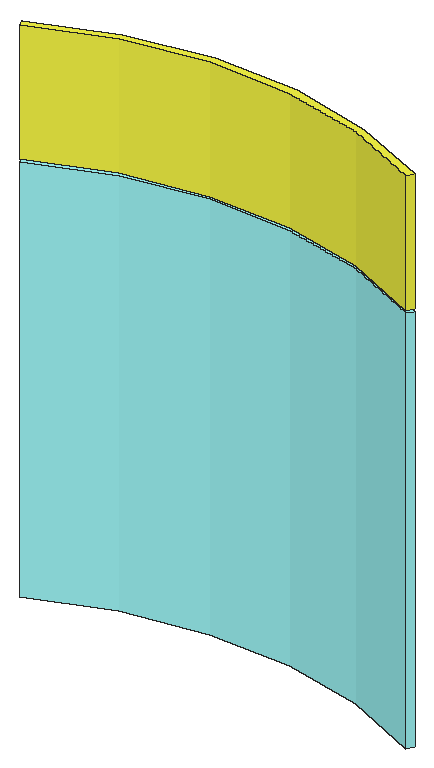
Revit family "EXP_WT-2_CPan-006", category Curtain Panels, Revit 2021
Family settings
  OmniClass Number = 23.25.20.14.11.11.17
  OmniClass Title = Infill Panels
  Always vertical = Yes
  Cut with Voids When Loaded = Yes
  Shared = No
Parameters (values of type "R = 10'  6" _ H2 = 9' 11 1/2"")
  UI-UnitNumber [instance] = "001"
  UI-Quadrant [instance] = "SE"
  UI-ProjectAbbreviation = "NEU"
  UI-ItemCategory = "PID"
  UI-FloorNumber [instance] = "03"
  PNT-WallType = "WT2"
  PNT-ProjectAbbreviation = "NEU"
  PNT-PanelType [instance] = "01"
  PNT-ItemCategory = "PNL"
  GlassSPH2(x2) [instance] = 0' - 2 3/16"
  GlassSPH1 [instance] = 0' - 2 3/16"
  GlassH2 [instance] = IG-1C(Glass)
  GlassH1 [instance] = IG-3C(Glass)
  Description = "Curve"
  Define Thermal Properties by = Schematic Type
  CellSp = 0' - 10 3/16"
  CellRayIN [instance] = CellRayEX - CellSp  # 9' - 7 13/16"
  CellRayEX = 10' - 6"
  CellLArch [instance] = 10' - 5.07198"
  CellH2 = 9' - 11 1/2"
  CellH1 [instance] = CellH - CellH2  # 3' - 1.98031"
  CellH [instance] = 13' - 1.48031"
  Analytic Construction = "<None>"
Types (5): name | CellRayIN | CellRayEX | CellLArch | CellH2 | CellH1
  R = 10'  6" _ H2 = 9' 11 1/2" | 9' - 7 13/16" | 10' - 6" | 10' - 5.07198" | 9' - 11 1/2" | 3' - 1.98031"
  R = 10'  6" _ H2 = 12' 1" | 9' - 7 13/16" | 10' - 6" | 10' - 5.07198" | 12' - 1" | 1' - 0.48031"
  R = 10'  6" _ H2 = 8' 2" | 9' - 7 13/16" | 10' - 6" | 10' - 5.07198" | 8' - 2" | 4' - 11.48031"
  R = 10'  6" _ H2 = 12' 8 3/4" | 9' - 7 13/16" | 10' - 6" | 10' - 5.07198" | 12' - 8 3/4" | 0' - 4.73031"
  R = 12'  5" _ H2 = 7'  10 3/4" | 11' - 6 13/16" | 12' - 5" | 10' - 3.50545" | 7' - 10 3/4" | 5' - 2.73031"
Reference planes (in)
  plane 1 "Center (Front/Back)": y = 0
  plane 2: z = 0
  plane 3 "Center (Left/Right)": x = 0
  plane 4 "Left": x = -60
  plane 5 "Right": x = 60
  plane 6 "Top": z = 157.48031
  plane 7: z = 119.5
Forms (in)
  Extrusion 1, solid, material "IG-1C(Glass)" <- "GlassH2", detail levels coarse+medium
    sketch origin (0, 0, 0) x (1, 0, 0) y (0, 1, 0)
      loop
        line (-60, 0) -> (-55.14881, -8.9583)
        arc (-55.14881, -8.9583) -> (0, 5.01539) -> (55.14881, -8.9583) r 115.8125
        line (55.14881, -8.9583) -> (60, 0)
        arc (60, 0) -> (0, 15.20289) -> (-60, 0) r 126
    from 0 to 119.5
  Extrusion 2, solid, material "IG-3C(Glass)" <- "GlassH1", detail levels coarse+medium
    sketch origin (0, 0, 0) x (1, 0, 0) y (0, 1, 0)
      loop
        arc (60, 0) -> (0, 15.20289) -> (-60, 0) r 126
        line (-60, 0) -> (-55.14881, -8.9583)
        arc (-55.14881, -8.9583) -> (0, 5.01539) -> (55.14881, -8.9583) r 115.8125
        line (55.14881, -8.9583) -> (60, 0)
    from 119.5 to 157.48031
Lines and regions (in)
  reference lines
    curve 1: line (60, 0, 0) -> (0, -110.79711, 0)
    curve 2: line (-60, 0, 0) -> (0, -110.79711, 0)
    curve 3: line (60, 0, 0) -> (36.45856, 12.74841, 0)
    curve 4: line (-60, 0, 0) -> (-34.38137, 13.87327, 0)
  model lines
    curve 5: arc (-60, 0, 0) -> (0, 15.20289, 0) -> (60, 0, 0) r 126
    curve 6: line (-60, 0, 0) -> (-55.14881, -8.9583, 0)
    curve 7: line (60, 0, 0) -> (55.14881, -8.9583, 0)
    curve 8: arc (55.14881, -8.9583, 0) -> (0, 5.01539, 0) -> (-55.14881, -8.9583, 0) r 115.8125
Text (in)
  text "Exterior" at (-92.59733, 55.75508, 0), in view "Ref. Level"
  text "Exterior" at (0, 90.18664, 173.49264), in view "Left"
  text "Exterior" at (0, 52.29083, 162.21847), in view "Right"
Dimensions and locks (in)
  equal spacing: plane 4 "Left", plane 3 "Center (Left/Right)", plane 5 "Right"
  "CellRayEX": curve 2 to curve 2
  "CellRayEX": curve 2 to curve 1
  "CellSp": curve 6 to curve 6
  "CellSp": curve 7 to curve 7
  "CellH": plane 2 to plane 6 "Top"
  "CellH2": plane 2 to plane 7
  "CellH1": plane 7 to plane 6 "Top"
  "CellRayEX": radius of curve 5
  locked: curve 2 to curve 4 (angle 90.00°)
  locked: curve 3 to curve 1 (angle 90.00°)
  "CellLArch": arc length of Extrusion 1  (x2)
  aligned and locked: level to plane 2
  aligned and locked: curve 6 to curve 2
  aligned and locked: curve 7 to curve 1
  aligned and locked: Extrusion 1 sketch curve to curve 5
  aligned and locked: Extrusion 1 sketch curve to curve 8
  aligned and locked: Extrusion 1 sketch curve to curve 7
  aligned and locked: Extrusion 1 sketch curve to curve 6
  aligned and locked: Extrusion 1 to level
  aligned and locked: plane 7 to Extrusion 1
  aligned and locked: Extrusion 2 sketch curve to Extrusion 1  (x4)
  aligned and locked: Extrusion 2 to plane 6 "Top"
  aligned and locked: Extrusion 2 to plane 7
  aligned and locked: plane 4 "Left" to nested 1
  aligned and locked: plane 5 "Right" to nested 1
  aligned and locked: plane 1 "Center (Front/Back)" to nested 1
  aligned and locked: plane 7 to nested 1
  aligned and locked: plane 2 to nested 1
  aligned and locked: plane 4 "Left" to nested 2
  aligned and locked: plane 5 "Right" to nested 2
  aligned and locked: plane 1 "Center (Front/Back)" to nested 2
  aligned and locked: nested 2 to plane 6 "Top"
  aligned and locked: plane 7 to nested 2
Automatic sketch dimensions
  curve 5 to curve 8 = 0' - 0"
  plane 1 "Center (Front/Back)" to curve 5 = 0' - 0"
  curve 8 to plane 3 "Center (Left/Right)" = 0' - 0"
  plane 1 "Center (Front/Back)" to curve 4 = 0' - 0"
  curve 4 to plane 4 "Left" = 0' - 0"
  curve 2 to plane 3 "Center (Left/Right)" = 0' - 0"
  plane 1 "Center (Front/Back)" to curve 3 = 0' - 0"
Nested families (in)
  nested 1: "EXP_WT-1x_IG-010" at (0, 0, 59.75), GlassRayEX <- "CellRayEX", MaterialGlass <- "GlassH2", GlassSP <- "GlassSPH2(x2)", type "GlassSP = H2(x2)", detail levels fine
    with MaterialGlass IG-1C(Glass), GlassSP 0' - 2 3/16", GlassRayIN 10' - 3 13/16", GlassRayEX 10' - 6", GlassL 9' - 10.12598", GlassH 9' - 9.56299", CellL 10' - 0", CellH 9' - 11 1/2"
  nested 2: "EXP_WT-1x_IG-010" at (0, 0, 138.49016), GlassRayEX <- "CellRayEX", MaterialGlass <- "GlassH1", GlassSP <- "GlassSPH1", type "GlassSP = H1", detail levels fine
    with MaterialGlass IG-3C(Glass), GlassSP 0' - 2 3/16", GlassRayIN 10' - 3 13/16", GlassRayEX 10' - 6", GlassL 9' - 10.12598", GlassH 3' - 0.29134", CellL 10' - 0", CellH 3' - 1.98031"
Definition of nested family "EXP_WT-1x_IG-010"
  Parameters (values of type "GlassSP = H3")
    MaterialGlass [instance] = none
    GlassSP [instance] = 0' - 1.25197"
    GlassRayIN [instance] = GlassRayEX - GlassSP  # 17' - 10.74803"
    GlassRayEX [instance] = 18' - 0"
    GlassL [instance] = CellL - (GlassD1 + GlassD3)  # 3' - 10.94488"
    GlassH [instance] = CellH - (GlassD2 + GlassD4)  # 6' - 6.64788"
    GlassD4 = 0' - 1.43701"
    GlassD3 = 0' - 0.93701"
    GlassD2 = 0' - 0 1/2"
    GlassD1 = 0' - 0.93701"
    GMPI-ProjectAbbreviation = "NEU"
    GMPI-IteamCategory = "GLS"
    Default Elevation = 0' - 0"
    CellL [instance] = 4' - 0.8189"
    CellH [instance] = 6' - 8.58489"
  Types (5): name | GlassH | GlassD4 | GlassD2
    GlassSP = H3 | 6' - 6.64788" | 0' - 1.43701" | 0' - 0 1/2"
    GlassSP = H2(x3) | 6' - 7.83292" | 0' - 0.25197" | 0' - 0 1/2"
    GlassSP = H2(x2) | 6' - 6.64788" | 0' - 1.43701" | 0' - 0 1/2"
    GlassSP = H1 | 6' - 6.89592" | 0' - 0.25197" | 0' - 1.43701"
    GlassSP = H | 6' - 5.71088" | 0' - 1.43701" | 0' - 1.43701"
  Reference planes (in)
    plane 1 "Center (Front/Back)": y = 0
    plane 2: z = 0
    plane 3 "Center (Left/Right)": x = 0
    plane 4: z = 40.29245
    plane 5: z = -40.29245
    plane 6: z = 39.79245
    plane 7: z = -38.85544
    plane 8: x = -24.40945
    plane 9: x = 24.40945
  Forms (in)
    Extrusion 1, solid, material <- "MaterialGlass"
      sketch origin (0, 0, 0) x (1, 0, 0) y (0, 1, 0)
        loop
          line (-23.47821, 0.10387) -> (-23.33673, -1.14009)
          arc (-23.33673, -1.14009) -> (0, 0.13168) -> (23.33673, -1.14009) r 214.74803
          line (23.33673, -1.14009) -> (23.47821, 0.10387)
          arc (23.47821, 0.10387) -> (0, 1.38365) -> (-23.47821, 0.10387) r 216
      from -38.85544 to 39.79245
  Lines and regions (in)
    reference lines
      curve 1: line (-24.40945, 0, 0) -> (0, -214.61635, 0)
      curve 2: line (0, -214.61635, 0) -> (24.40945, 0, 0)
      curve 4: line (-6.33555, -150.62035, 0) -> (18.07389, -365.2367, 0)
      curve 5: line (-18.07389, -365.2367, 0) -> (6.33555, -150.62035, 0)
    model lines, not visible
      curve 3: arc (-24.40945, 0, 0) -> (0, 1.38365, 0) -> (24.40945, 0, 0) r 216
  Dimensions and locks (in)
    equal spacing: plane 4, level, plane 5
    "CellH": plane 4 to plane 5
    "GlassD2": plane 4 to plane 6
    "GlassD4": plane 7 to plane 5
    equal spacing: plane 8, plane 3 "Center (Left/Right)", plane 9
    "GlassRayEX": curve 2 to curve 2
    "GlassRayEX": curve 1 to curve 1
    "GlassD1": curve 1 to curve 4
    "GlassD3": curve 2 to curve 5
    "CellL": plane 8 to plane 9
    "GlassRayEX": radius of curve 3
    "GlassRayIN": radius of Extrusion 1 sketch curve
    aligned and locked: level to plane 2
    aligned and locked: Extrusion 1 sketch curve to curve 3
    aligned and locked: Extrusion 1 sketch curve to curve 4
    aligned and locked: curve 5 to Extrusion 1 sketch curve
    aligned and locked: plane 6 to Extrusion 1
    aligned and locked: Extrusion 1 to plane 7
  Automatic sketch dimensions
    plane 1 "Center (Front/Back)" to curve 3 = 0' - 0"  (x2)
    curve 3 to plane 8 = 0' - 0"
    curve 3 to plane 3 "Center (Left/Right)" = 0' - 0"
    plane 1 "Center (Front/Back)" to curve 1 = 0' - 0"
    curve 1 to plane 8 = 0' - 0"
    curve 2 to plane 3 "Center (Left/Right)" = 0' - 0"
    plane 1 "Center (Front/Back)" to curve 2 = 0' - 0"
    curve 5 to plane 8 = 0' - 6.33555"
    curve 4 to plane 3 "Center (Left/Right)" = 0' - 6.33555"
    plane 3 "Center (Left/Right)" to curve 5 = 0' - 6.33555"
    plane 9 to curve 4 = 0' - 6.33555"
    Extrusion 1 sketch curve to Extrusion 1 sketch curve = 0' - 0"  (x2)
